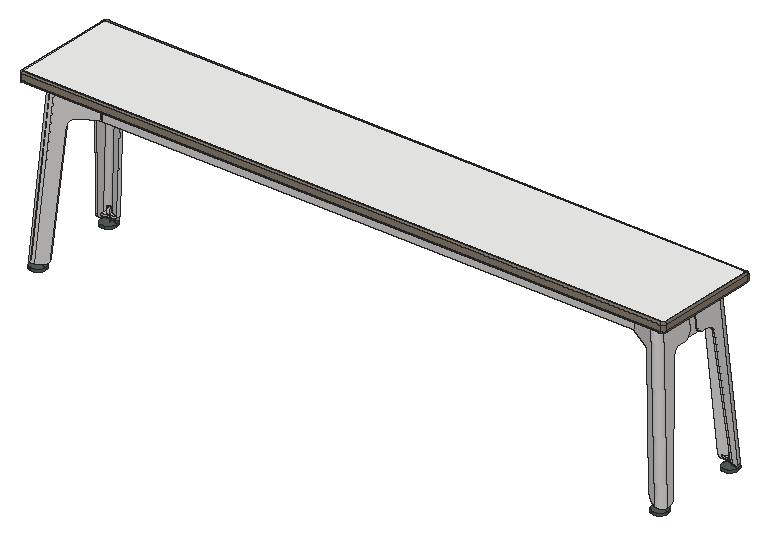
Revit family "Seating-Casual-Naughtone-Fold_Bench", category Furniture, Revit 2015
Parameters (values of type "1650mmx275mmx450mm")
  _distributed by = "www.bimbox.co.uk"  # constant formula
  _current revision = "1"
  _created by = "BIMBox"  # constant formula
  _author = "BIMBox"  # constant formula
  _BIMspec_GUID = 0
  WarrantyStartDate [instance] = "<User Defined>"
  WarrantyGuarantorParts = "sales@naughtone.com"
  WarrantyGuarantorLabor = "sales@naughtone.com"
  WarrantyDurationUnit = "Years"
  WarrantyDurationParts = "5"
  WarrantyDurationLabor = "5"
  WarrantyDescription = "5 year warranty"
  Version = "1"
  Uniclass2015 = "40.50.12.21"
  URL = "http://www.naughtone.com/"
  TypeName = "Seating-Casual-Naughtone-Fold_Bench"
  Type Comments = "1650x275x450"
  TagNumber = "0.000000"
  SustainabilityPerformance = "55.3% reusable content. 72% recycled & recyclable content"
  Size = "1650mmx275mmx450mm"
  Shape = "Rectangular"
  SerialNumber = "0.000000"
  ReplacementCost = "0.00"
  ProductInformation = "http://www.naughtone.com/wp-content/uploads/2015/04/Fold-brochure-FISP-2015.pdf?49171d"
  Product URL = "http://www.naughtone.com/portfolio-view/fold"
  Option [instance] = "MFMDF with banded edge"
  NominalWidth = 1650 mm
  NominalLength = 275 mm  # constant formula
  NominalHeight = 450 mm  # constant formula
  Name = "1650mmx275mmx450mm, Fold Bench"
  NBSReference = "40.50.12.21"
  NBSDescription = "n/a"
  Mtrl_Top [instance] = Laminate-White-Smooth
  Mtrl_Frame [instance] = Metal-Black-Powder_Coated
  Mtrl_EdgeTop [instance] = Timber-Oak_Veneer-Polished
  ModelReference = "Fold Bench"
  ModelNumber = "FOLDBEN-1650"
  Model = "FOLDBEN-1650"
  Material = "Timber; folded mild steel frame"
  ManufacturerAddressUK = "201 Pannal Business Park, Station Road, Harrogate, HG3 1JL"  # constant formula
  Manufacturer = "Naughtone"  # constant formula
  Keynote = "40.50.12.21"
  InstallationDate [instance] = "<User Defined>"
  Grade = "n/a"
  Finish = "Polyster powder coat; various top finishes available"
  Features = "n/a"
  ExpectedLife = "15-20"
  EdgeOffset [instance] = 5 mm  # constant formula
  DurationUnit = "Years"
  Description = "Fold Bench"
  Cost = 0
  ContactTelephoneNumber = "+44 (0) 1423 816500"
  ContactEmailAddress = "sales@naughtone.com"
  Constituents = "Wood Top; Steel frame"
  ComponentDescription = "Strong and elegant, fold tables and benches proovide a simple surface with maximum clearance for legs, chairs and fresh air to fit underneath!"
  Color = "White"
  CodePerformance = "FISP Certified; ISO14001 Certified"
  Category = "40.50.12.21 : Dining Benches"
  BarCode = "0.000000"
  BIMObjectName = "Seating-Casual-Naughtone-Fold_Bench"
  AssetType = "Movable"
  AssetIdentifier = "FOLDBEN-1650"
  Assembly Code = "E2020"
  AdditionalMaterials = "Additional material and finish options available. Please contact Naughtone direct for further information."
  AccessibilityPerformance = "n/a"
Types (4, lengths in mm): name | Type Comments | Size | Option | NominalWidth | Name | ModelNumber | Model | AssetIdentifier
  (no name) | "1650x275x450" | "1650mmx275mmx450mm" | "MFMDF with banded edge" | 1650 | "1650mmx275mmx450mm, Fold Bench" | "FOLDBEN-1650" | "FOLDBEN-1650" | "FOLDBEN-1650"
  1650mmx275mmx450mm | "1650x275x450" | "1650mmx275mmx450mm" | "MFMDF with banded edge" | 1650 | "1650mmx275mmx450mm, Fold Bench" | "FOLDBEN-1650" | "FOLDBEN-1650" | "FOLDBEN-1650"
  1250mmx275mmx450mm | "1250x275x450" | "1250mmx275mmx450mm" | "MFMDF with reverse chamfer" | 1250 | "1250mmx275mmx450mm, Fold Bench" | "FOLDBEN-1250" | "FOLDBEN-1250" | "FOLDBEN-1250"
  1450mmx275mmx450mm | "1450x275x450" | "1450mmx275mmx450mm" | "MFMDF with reverse chamfer" | 1450 | "1450mmx275mmx450mm, Fold Bench" | "FOLDBEN-1450" | "FOLDBEN-1450" | "FOLDBEN-1450"
Reference planes
  plane 1 "Center (Front/Back)": y = 0
  plane 2: z = 0
  plane 3 "Center (Left/Right)": x = 0
  plane 4 "Left": x = -825
  plane 5 "Right": x = 825
  plane 6 "Rear": y = 137.5
  plane 7 "Front": y = -137.5
  plane 8 "Top": z = 450
  plane 9: x = -820
  plane 10: y = -132.5
  plane 11: y = 132.5
  plane 12: x = 820
  plane 13 "EdgeProfile": z = 425
  plane 14: y = -137.5
Forms (mm)
  Sweep 1, solid, material "Timber-Oak_Veneer-Polished" <- "Mtrl_EdgeTop"
    path origin (0, 0, 425) x (-1, 0, 0) y (0, -1, 0)
      loop
        line (817, 132.5) -> (-817, 132.5)
        arc (-817, 132.5) -> (-819.121, 131.621) -> (-820, 129.5) r 3
        line (-820, 129.5) -> (-820, -129.5)
        arc (-820, -129.5) -> (-819.121, -131.621) -> (-817, -132.5) r 3
        line (-817, -132.5) -> (817, -132.5)
        arc (817, -132.5) -> (819.121, -131.621) -> (820, -129.5) r 3
        line (820, -129.5) -> (820, 129.5)
        arc (820, 129.5) -> (819.121, 131.621) -> (817, 132.5) r 3
    profile origin (0, -132.5, 425) x (0, 1, 0) y (0, 0, 1)
      loop
        line (-5, 20) -> (-5, 5)
        arc (-5, 5) -> (-3.536, 1.464) -> (0, 0) r 5
        line (0, 0) -> (0, 25)
        arc (0, 25) -> (-3.536, 23.536) -> (-5, 20) r 5
  Extrusion 2, solid, material "Laminate-White-Smooth" <- "Mtrl_Top"
    sketch origin (0, 0, 425) x (-1, 0, 0) y (0, -1, 0)
      loop
        arc (817, -132.5) -> (819.121, -131.621) -> (820, -129.5) r 3
        line (820, -129.5) -> (820, 129.5)
        arc (820, 129.5) -> (819.121, 131.621) -> (817, 132.5) r 3
        line (817, 132.5) -> (-817, 132.5)
        arc (-817, 132.5) -> (-819.121, 131.621) -> (-820, 129.5) r 3
        line (-820, 129.5) -> (-820, -129.5)
        arc (-820, -129.5) -> (-819.121, -131.621) -> (-817, -132.5) r 3
        line (-817, -132.5) -> (817, -132.5)
    from 0 to 25
Dimensions and locks
  equal spacing: plane 4 "Left", plane 3 "Center (Left/Right)", plane 5 "Right"
  "NominalWidth": plane 4 "Left" to plane 5 "Right"
  equal spacing: plane 6 "Rear", plane 1 "Center (Front/Back)", plane 7 "Front"
  "NominalLength": plane 6 "Rear" to plane 7 "Front"
  "NominalHeight": plane 8 "Top" to level
  "EdgeOffset": plane 4 "Left" to plane 9
  "EdgeOffset": plane 12 to plane 5 "Right"
  "EdgeOffset": plane 6 "Rear" to plane 11
  "EdgeOffset": plane 10 to plane 7 "Front"
  locked: plane 8 "Top" to plane 13 "EdgeProfile" at 25
  locked: plane 14 to plane 10 at 5
  aligned and locked: level to plane 2
  aligned and locked: Sweep 1 sketch curve to plane 10
  aligned and locked: Sweep 1 sketch curve to plane 9
  aligned and locked: Sweep 1 sketch curve to plane 11
  aligned and locked: Sweep 1 sketch curve to plane 12
  aligned and locked: plane 10 to Sweep 1 sketch curve
  aligned and locked: plane 14 to Sweep 1 sketch curve
  aligned and locked: plane 11 to Extrusion 2 sketch curve
  aligned and locked: plane 9 to Extrusion 2 sketch curve
  aligned and locked: plane 10 to Extrusion 2 sketch curve
  aligned and locked: plane 12 to Extrusion 2 sketch curve
  aligned and locked: plane 8 "Top" to Extrusion 2
  aligned and locked: Extrusion 2 to plane 13 "EdgeProfile"
  aligned and locked: plane 3 "Center (Left/Right)" to nested 1
  aligned and locked: plane 1 "Center (Front/Back)" to nested 1
Automatic sketch dimensions
  Sweep 1 sketch curve to profile plane = 0 mm
  Sweep 1 sketch curve to plane 13 "EdgeProfile" = 0 mm
  Sweep 1 sketch curve to Sweep 1 sketch curve = 15 mm
  Sweep 1 sketch curve to Sweep 1 sketch curve = 0 mm
  plane 12 to Extrusion 2 sketch curve = 3 mm  (x2)
  Extrusion 2 sketch curve to Extrusion 2 sketch curve = 3 mm  (x2)
  plane 12 to Sweep 1 sketch curve = 3 mm
  Sweep 1 sketch curve to Sweep 1 sketch curve = 3 mm  (x2)
  plane 9 to Sweep 1 sketch curve = 3 mm
Nested families
  nested 1: "Nested-Frame-Naughtone-Fold_Bench" at (0, 0, 0), Mtrl_Frame <- "Mtrl_Frame", NominalWidth <- "NominalWidth", type "1600mmx800mmx750mm"
    with NominalWidth 1650 mm, Mtrl_Frame Metal-Black-Powder_Coated
Definition of nested family "Nested-Frame-Naughtone-Fold_Bench"
  Parameters (values of type "1600mmx800mmx750mm")
    _distributed by = "www.bimbox.co.uk"  # constant formula
    _current revision = "1"
    _created by = "BIMBox"  # constant formula
    _author = "BIMBox"  # constant formula
    URL = "http://www.naughtone.com/"
    Type Comments = ""
    TopOffset = ((NominalHeight - 40 mm) / tan(84.50°))  # 39.479 mm
    ProductInformation = ""
    Product URL = ""
    NominalWidth [instance] = 1250 mm
    NominalLength = 275 mm  # constant formula
    NominalHeight = 450 mm  # constant formula
    Mtrl_Frame [instance] = none
    Model = "Fold Frame"
    ManufacturerAddressUK = "201 Pannal Business Park, Station Road, Harrogate, HG3 1JL"  # constant formula
    Manufacturer = "Naughtone"  # constant formula
    Keynote = ""
    Description = "Fold Frame"
    Cost = 0
    ContactTelephoneNumber = "+44 (0) 1423 816500"
    ContactEmailAddress = "sales@naughtone.com"
    BaseOffset = 10 mm
    Assembly Code = "E2020"
  Reference planes
    plane 1 "Center (Front/Back)": y = 0
    plane 2: z = 0
    plane 3 "Center (Left/Right)": x = 0
    plane 4 "Left": x = -625
    plane 5 "Right": x = 625
    plane 6 "Rear": y = 137.5
    plane 7 "Front": y = -137.5
    plane 8 "Top": z = 450
    plane 9: x = -615
    plane 10: y = -127.5
    plane 11: y = 127.5
    plane 12: x = 615
    plane 13 "EdgeProfile": z = 425
    plane 14: z = 15
    plane 15: z = 350
    plane 16: y = -55.5
    plane 17: y = -25.5
    plane 18: y = 55.5
    plane 19: y = 25.5
    plane 20: y = 2
    plane 21: y = -88
    plane 22: x = -570.521
    plane 23: x = -585.521
    plane 24: x = -580.521
    plane 25: x = -565.521
    plane 26: x = -563.021
    plane 27: x = -465.063
    plane 28: x = -462.563
    plane 29: y = -38.66
    plane 30: y = -42.99
    plane 31: y = -96.66
    plane 32: y = -100.99
    plane 33: x = -540.538
    plane 34: x = -543.038
    plane 35: x = -595
    plane 36: x = -592.5
    plane 37: y = -112.5
    plane 38: y = -72.5
    plane 39: y = -121.16
    plane 40: y = -125.49
    plane 41: y = -91.16
    plane 42: y = -95.49
    plane 43: x = -615
    plane 44: x = -610
    plane 45: x = -600
    plane 46: y = -11.616
    plane 47: y = -2
    plane 48: y = 88
    plane 49: x = -570.521
    plane 50: x = -585.521
    plane 51: x = -580.521
    plane 52: x = -565.521
    plane 53: x = -563.021
    plane 54: x = -465.063
    plane 55: x = -462.563
    plane 56: y = 38.66
    plane 57: y = 42.99
    plane 58: y = 96.66
    plane 59: y = 100.99
    plane 60: x = -540.538
    plane 61: x = -543.038
    plane 62: x = -595
    plane 63: x = -592.5
    plane 64: y = 112.5
    plane 65: y = 72.5
    plane 66: y = 121.16
    plane 67: y = 125.49
    plane 68: y = 91.16
    plane 69: y = 95.49
    plane 70: x = -615
    plane 71: x = -610
    plane 72: x = -600
    plane 73: x = 615
    plane 74: y = 2
    plane 75: y = -88
    plane 76: x = 570.521
    plane 77: x = 585.521
    plane 78: x = 580.521
    plane 79: x = 565.521
    plane 80: x = 563.021
    plane 81: x = 465.063
    plane 82: x = 462.563
    plane 83: y = -38.66
    plane 84: y = -42.99
    plane 85: y = -96.66
    plane 86: y = -100.99
    plane 87: x = 540.538
    plane 88: x = 543.038
    plane 89: x = 595
    plane 90: x = 592.5
    plane 91: y = -112.5
    plane 92: y = -72.5
    plane 93: y = -121.16
    plane 94: y = -125.49
    plane 95: y = -91.16
    plane 96: y = -95.49
    plane 97: x = 615
    plane 98: x = 610
    plane 99: x = 600
    plane 100: y = -2
    plane 101: y = 88
    plane 102: x = 570.521
    plane 103: x = 585.521
    plane 104: x = 580.521
    plane 105: x = 565.521
    plane 106: x = 563.021
    plane 107: x = 465.063
    plane 108: x = 462.563
    plane 109: y = 38.66
    plane 110: y = 42.99
    plane 111: y = 96.66
    plane 112: y = 100.99
    plane 113: x = 540.538
    plane 114: x = 543.038
    plane 115: x = 595
    plane 116: x = 592.5
    plane 117: y = 112.5
    plane 118: y = 72.5
    plane 119: y = 121.16
    plane 120: y = 125.49
    plane 121: y = 91.16
    plane 122: y = 95.49
    plane 123: x = 615
    plane 124: x = 610
    plane 125: x = 600
    plane 126: x = -575.521
    plane 127: x = -580.914
    plane 128: x = -585.914
    plane 129: x = 575.521
    plane 130: x = 580.521
    plane 131: x = 585.914
    plane 132: x = 580.914
    plane 133 "Rev.F": y = -112.5
    plane 134: x = -590
    plane 135: x = -575
    plane 136: z = 14
    plane 137: z = 5
    plane 138: x = -590
    plane 139: x = -575
    plane 140: z = 14
    plane 141: z = 5
    plane 142: x = 590
    plane 143: x = 575
    plane 144: z = 14
    plane 145: z = 5
    plane 146: x = 590
    plane 147: x = 575
    plane 148: z = 14
    plane 149: z = 5
    plane 150: x = -595
    plane 151: y = 112.5
    plane 152: x = 595
  Forms (mm)
    Blend 1, solid, material <- "Mtrl_Frame"
      base sketch origin (-10, -27, 0) x (1, 0, 0) y (0, 1, 0)
        loop
          arc (-605, -85.5) -> (-597.5, -98.49) -> (-582.5, -98.49) r 15
          line (-582.5, -98.49) -> (-530.538, -68.49) -> (-533.038, -64.16) -> (-585, -94.16)
          arc (-585, -94.16) -> (-595, -94.16) -> (-600, -85.5) r 10
          line (-600, -85.5) -> (-600, -45.5) -> (-605, -45.5) -> (-605, -85.5)
      top sketch origin (-10, -27, 0) x (1, 0, 0) y (0, 1, 0)
        loop
          arc (-575.521, -61) -> (-568.021, -73.99) -> (-553.021, -73.99) r 15
          line (-553.021, -73.99) -> (-452.563, -15.99) -> (-455.063, -11.66) -> (-555.521, -69.66)
          arc (-555.521, -69.66) -> (-565.521, -69.66) -> (-570.521, -61) r 10
          line (-570.521, -61) -> (-570.521, 29) -> (-575.521, 29) -> (-575.521, -61)
      from 15 to 425
    Extrusion 2, void
      sketch origin (-540.538, -95.49, 0) x (0.829508, 0.558495, 0) y (0, 0, 1)
        loop
          line (-43.144, 15) -> (-60, 15) -> (-60, 0) -> (111.807, 0) -> (111.807, 450) -> (73.257, 450) -> (73.257, 350) -> (23.338, 350)
          arc (23.338, 350) -> (9.95, 344.858) -> (3.446, 332.075) r 20
          line (3.446, 332.075) -> (-28.274, 28.03)
          arc (-28.274, 28.03) -> (-33.258, 18.718) -> (-43.144, 15) r 15
      from -15 to 7.5
    Extrusion 3, void
      sketch origin (0, 0, 0) x (0, 1, 0) y (0, 0, 1)
        loop
          line (-11.616, 425) -> (-11.616, 367)
          arc (-11.616, 367) -> (-16.596, 354.979) -> (-28.616, 350) r 17
          line (-28.616, 350) -> (-40.449, 350)
          arc (-40.449, 350) -> (-57.197, 343.561) -> (-65.317, 327.561) r 25
          line (-65.317, 327.561) -> (-96.576, 23.976)
          arc (-96.576, 23.976) -> (-99.824, 17.576) -> (-106.523, 15) r 10
          line (-106.523, 15) -> (-127.5, 15) -> (-127.5, 0) -> (2, 0) -> (2, 425) -> (-11.616, 425)
      from -625 to 625
    Blend 4, solid, material <- "Mtrl_Frame"
      base sketch origin (-10, 27, 0) x (1, 0, 0) y (0, 1, 0)
        loop
          line (-605, 85.5) -> (-605, 45.5) -> (-600, 45.5) -> (-600, 85.5)
          arc (-600, 85.5) -> (-595, 94.16) -> (-585, 94.16) r 10
          line (-585, 94.16) -> (-533.038, 64.16) -> (-530.538, 68.49) -> (-582.5, 98.49)
          arc (-582.5, 98.49) -> (-597.5, 98.49) -> (-605, 85.5) r 15
      top sketch origin (-10, 27, 0) x (1, 0, 0) y (0, 1, 0)
        loop
          line (-575.521, 61) -> (-575.521, -29) -> (-570.521, -29) -> (-570.521, 61)
          arc (-570.521, 61) -> (-565.521, 69.66) -> (-555.521, 69.66) r 10
          line (-555.521, 69.66) -> (-455.063, 11.66) -> (-452.563, 15.99) -> (-553.021, 73.99)
          arc (-553.021, 73.99) -> (-568.021, 73.99) -> (-575.521, 61) r 15
      from 15 to 425
    Extrusion 5, void
      sketch origin (-540.538, 95.49, 0) x (0.829508, -0.558495, 0) y (0, 0, 1)
        loop
          line (-43.144, 15) -> (-60, 15) -> (-60, 0) -> (111.807, 0) -> (111.807, 450) -> (74.317, 450) -> (74.317, 350) -> (23.338, 350)
          arc (23.338, 350) -> (9.95, 344.858) -> (3.446, 332.075) r 20
          line (3.446, 332.075) -> (-28.274, 28.03)
          arc (-28.274, 28.03) -> (-33.258, 18.718) -> (-43.144, 15) r 15
      from -15 to 12
    Blend 6, solid, material <- "Mtrl_Frame"
      base sketch origin (10, -27, 0) x (-1, 0, 0) y (0, -1, 0)
        loop
          line (-605, 85.5) -> (-605, 45.5) -> (-600, 45.5) -> (-600, 85.5)
          arc (-600, 85.5) -> (-595, 94.16) -> (-585, 94.16) r 10
          line (-585, 94.16) -> (-533.038, 64.16) -> (-530.538, 68.49) -> (-582.5, 98.49)
          arc (-582.5, 98.49) -> (-597.5, 98.49) -> (-605, 85.5) r 15
      top sketch origin (10, -27, 0) x (-1, 0, 0) y (0, -1, 0)
        loop
          line (-575.521, 61) -> (-575.521, -29) -> (-570.521, -29) -> (-570.521, 61)
          arc (-570.521, 61) -> (-565.521, 69.66) -> (-555.521, 69.66) r 10
          line (-555.521, 69.66) -> (-455.063, 11.66) -> (-452.563, 15.99) -> (-553.021, 73.99)
          arc (-553.021, 73.99) -> (-568.021, 73.99) -> (-575.521, 61) r 15
      from 15 to 425
    Extrusion 7, void
      sketch origin (540.538, -95.49, 0) x (-0.829508, 0.558495, 0) y (0, 0, 1)
        loop
          line (-43.144, 15) -> (-60, 15) -> (-60, 0) -> (111.807, 0) -> (111.807, 450) -> (73.257, 450) -> (73.257, 350) -> (18.122, 350)
          arc (18.122, 350) -> (8.072, 349.275) -> (-1.77, 347.114) r 70
          line (-1.77, 347.114) -> (-28.274, 28.03)
          arc (-28.274, 28.03) -> (-33.258, 18.718) -> (-43.144, 15) r 15
      from -15 to 12
    Blend 8, solid, material <- "Mtrl_Frame"
      base sketch origin (10, 27, 0) x (-1, 0, 0) y (0, -1, 0)
        loop
          arc (-605, -85.5) -> (-597.5, -98.49) -> (-582.5, -98.49) r 15
          line (-582.5, -98.49) -> (-530.538, -68.49) -> (-533.038, -64.16) -> (-585, -94.16)
          arc (-585, -94.16) -> (-595, -94.16) -> (-600, -85.5) r 10
          line (-600, -85.5) -> (-600, -45.5) -> (-605, -45.5) -> (-605, -85.5)
      top sketch origin (10, 27, 0) x (-1, 0, 0) y (0, -1, 0)
        loop
          arc (-575.521, -61) -> (-568.021, -73.99) -> (-553.021, -73.99) r 15
          line (-553.021, -73.99) -> (-452.563, -15.99) -> (-455.063, -11.66) -> (-555.521, -69.66)
          arc (-555.521, -69.66) -> (-565.521, -69.66) -> (-570.521, -61) r 10
          line (-570.521, -61) -> (-570.521, 29) -> (-575.521, 29) -> (-575.521, -61)
      from 15 to 425
    Extrusion 9, void
      sketch origin (540.538, 95.49, 0) x (-0.829508, -0.558495, 0) y (0, 0, 1)
        loop
          line (-43.144, 15) -> (-60, 15) -> (-60, 0) -> (111.807, 0) -> (111.807, 450) -> (74.317, 450) -> (74.317, 350) -> (18.122, 350)
          arc (18.122, 350) -> (8.072, 349.275) -> (-1.77, 347.114) r 70
          line (-1.77, 347.114) -> (-28.274, 28.03)
          arc (-28.274, 28.03) -> (-33.258, 18.718) -> (-43.144, 15) r 15
      from -15 to 12
    Extrusion 10, solid, material <- "Mtrl_Frame"
      sketch origin (0, 0, 0) x (1, 0, 0) y (0, 0, 1)
        loop
          line (-575.521, 425) -> (-580.521, 425) -> (-585.914, 350) -> (-580.914, 350) -> (-575.521, 425)
      from -55.5 to 55.5
    Extrusion 11, void
      sketch origin (0, 0, 0) x (0, -1, 0) y (0, 0, -1)
        loop
          line (-11.616, -425) -> (2, -425) -> (2, 0) -> (-127.5, 0) -> (-127.5, -15) -> (-106.523, -15)
          arc (-106.523, -15) -> (-99.824, -17.576) -> (-96.576, -23.976) r 10
          line (-96.576, -23.976) -> (-65.317, -327.561)
          arc (-65.317, -327.561) -> (-57.197, -343.561) -> (-40.449, -350) r 25
          line (-40.449, -350) -> (-28.616, -350)
          arc (-28.616, -350) -> (-16.596, -354.979) -> (-11.616, -367) r 17
          line (-11.616, -367) -> (-11.616, -425)
      from -625 to 625
    Extrusion 12, solid, material <- "Mtrl_Frame"
      sketch origin (0, 0, 0) x (1, 0, 0) y (0, 0, 1)
        loop
          line (580.521, 425) -> (575.521, 425) -> (580.914, 350) -> (585.914, 350) -> (580.521, 425)
      from -55.5 to 55.5
    Extrusion 13, solid, material <- "Mtrl_Frame"
      sketch origin (0, 0, 0) x (1, 0, 0) y (0, 0, 1)
        loop
          line (-580.914, 350) -> (580.914, 350) -> (575.521, 425) -> (-575.521, 425) -> (-580.914, 350)
      from 25.5 to 55.5
    Extrusion 14, solid, material <- "Mtrl_Frame"
      sketch origin (0, 0, 0) x (1, 0, 0) y (0, 0, 1)
        loop
          line (575.521, 425) -> (-575.521, 425) -> (-580.914, 350) -> (580.914, 350) -> (575.521, 425)
      from -55.5 to -25.5
    Extrusion 15, solid, material <- "Mtrl_Frame"
      sketch origin (0, 0, 0) x (1, 0, 0) y (0, 1, 0)
        loop
          line (-610, -101.155) -> (-610, -112.5)
          arc (-610, -112.5) -> (-605, -121.16) -> (-595, -121.16) r 10
          line (-595, -121.16) -> (-573.349, -108.66) -> (-610, -101.155)
        loop
          arc (-595, 121.16) -> (-605, 121.16) -> (-610, 112.5) r 10
          line (-610, 112.5) -> (-610, 101.155) -> (-573.349, 108.66) -> (-595, 121.16)
        loop
          line (595, 121.16) -> (573.349, 108.66) -> (610, 101.155) -> (610, 112.5)
          arc (610, 112.5) -> (605, 121.16) -> (595, 121.16) r 10
        loop
          arc (595, -121.16) -> (605, -121.16) -> (610, -112.5) r 10
          line (610, -112.5) -> (610, -101.155) -> (573.349, -108.66) -> (595, -121.16)
      from 21 to 25
    Revolve 16, solid
      sketch origin (0, -112.5, 0) x (1, 0, 0) y (0, 0, 1)
        loop
          line (-595, 14) -> (-595, 0) -> (-575, 0) -> (-575, 5) -> (-590, 14) -> (-595, 14)
        axis (-595, 14) -> (-595, 0)
      angle from 0 to 360
    Revolve 17, solid
      sketch origin (0, 112.5, 0) x (1, 0, 0) y (0, 0, -1)
        loop
          line (-595, -14) -> (-590, -14) -> (-575, -5) -> (-575, 0) -> (-595, 0) -> (-595, -14)
        axis (-595, -14) -> (-595, 0)
      angle from 0 to 360
    Revolve 18, solid
      sketch origin (0, -112.5, 0) x (-1, 0, 0) y (0, 0, 1)
        loop
          line (-595, 14) -> (-595, 0) -> (-575, 0) -> (-575, 5) -> (-590, 14) -> (-595, 14)
        axis (-595, 14) -> (-595, 0)
      angle from 0 to 360
    Revolve 19, solid
      sketch origin (0, 112.5, 0) x (-1, 0, 0) y (0, 0, 1)
        loop
          line (-595, 14) -> (-595, 0) -> (-575, 0) -> (-575, 5) -> (-590, 14) -> (-595, 14)
        axis (-595, 14) -> (-595, 0)
      angle from 0 to 360
    Extrusion 20, solid
      sketch origin (0, 0, 0) x (1, 0, 0) y (0, 1, 0)
        loop
          circle (-595, -112.5) r 3.5
        loop
          circle (-595, 112.5) r 3.5
        loop
          circle (595, 112.5) r 3.5
        loop
          circle (595, -112.5) r 3.5
      from 5 to 40
  Cuts and joins
    Extrusion 2, Extrusion 3, Extrusion 5, Extrusion 7, Extrusion 11 cuts Blend 1
    Extrusion 5, Extrusion 9, Extrusion 11 cuts Blend 4
    Extrusion 3, Extrusion 7, Extrusion 11 cuts Blend 6
    Extrusion 9, Extrusion 11 cuts Blend 8
  Lines and regions (mm)
    reference lines
      curve 1: line (-540.538, -95.49, 0) -> (-462.563, -42.99, 0)
      curve 2: line (-540.538, 95.49, 0) -> (-462.563, 42.99, 0)
      curve 3: line (540.538, -95.49, 0) -> (462.563, -42.99, 0)
      curve 4: line (540.538, 95.49, 0) -> (462.563, 42.99, 0)
  Dimensions and locks
    equal spacing: plane 4 "Left", plane 3 "Center (Left/Right)", plane 5 "Right"
    "NominalWidth": plane 4 "Left" to plane 5 "Right"
    equal spacing: plane 6 "Rear", plane 1 "Center (Front/Back)", plane 7 "Front"
    "NominalLength": plane 6 "Rear" to plane 7 "Front"
    "NominalHeight": plane 8 "Top" to level
    locked: plane 4 "Left" to plane 9 at 10
    locked: plane 12 to plane 5 "Right" at 10
    locked: plane 6 "Rear" to plane 11 at 10
    locked: plane 10 to plane 7 "Front" at 10
    locked: plane 8 "Top" to plane 13 "EdgeProfile" at 25
    locked: plane 14 to plane 2 at 15
    locked: plane 13 "EdgeProfile" to plane 15 at 75
    locked: plane 16 to plane 7 "Front" at 82
    locked: plane 17 to plane 16 at 30
    locked: plane 19 to plane 18 at 30
    locked: plane 18 to plane 6 "Rear" at 82
    "TopOffset": plane 4 "Left" to plane 23
    locked: plane 23 to plane 24 at 5
    locked: plane 24 to plane 25 at 15
    locked: plane 25 to plane 26 at 2.5
    locked: plane 26 to plane 27 at 97.959
    locked: plane 27 to plane 28 at 2.5
    plane 32 to plane 7 "Front" = 36.51 mm
    plane 31 to plane 32 = 4.33 mm
    plane 30 to plane 31 = 53.67 mm
    plane 29 to plane 30 = 4.33 mm
    locked: plane 24 to plane 22 at 10
    locked: plane 37 to plane 7 "Front" at 25
    locked: plane 37 to plane 38 at 40
    locked: plane 39 to plane 37 at 8.66
    locked: plane 40 to plane 39 at 4.33
    locked: plane 35 to plane 36 at 2.5
    locked: plane 36 to plane 34 at 49.462
    locked: plane 34 to plane 33 at 2.5
    locked: plane 37 to plane 42 at 17.01
    locked: plane 42 to plane 41 at 4.33
    "BaseOffset": plane 4 "Left" to plane 43
    locked: plane 43 to plane 44 at 5
    locked: plane 44 to plane 45 at 10
    locked: plane 45 to plane 35 at 5
    locked: plane 41 to plane 21 at 3.16
    locked: plane 20 to plane 29 at 40.66
    locked: plane 20 to plane 46 at 13.616
    "TopOffset": plane 4 "Left" to plane 50
    locked: plane 50 to plane 51 at 5
    locked: plane 51 to plane 52 at 15
    locked: plane 52 to plane 53 at 2.5
    locked: plane 53 to plane 54 at 97.959
    locked: plane 54 to plane 55 at 2.5
    plane 59 to plane 6 "Rear" = 36.51 mm
    plane 58 to plane 59 = 4.33 mm
    plane 57 to plane 58 = 53.67 mm
    plane 56 to plane 57 = 4.33 mm
    locked: plane 51 to plane 49 at 10
    locked: plane 64 to plane 6 "Rear" at 25
    locked: plane 64 to plane 65 at 40
    locked: plane 66 to plane 64 at 8.66
    locked: plane 67 to plane 66 at 4.33
    locked: plane 62 to plane 63 at 2.5
    locked: plane 63 to plane 61 at 49.462
    locked: plane 61 to plane 60 at 2.5
    locked: plane 64 to plane 69 at 17.01
    locked: plane 69 to plane 68 at 4.33
    "BaseOffset": plane 4 "Left" to plane 70
    locked: plane 70 to plane 71 at 5
    locked: plane 71 to plane 72 at 10
    locked: plane 72 to plane 62 at 5
    locked: plane 68 to plane 48 at 3.16
    locked: plane 47 to plane 56 at 40.66
    locked: plane 5 "Right" to plane 73 at 10
    "TopOffset": plane 5 "Right" to plane 77
    locked: plane 77 to plane 78 at 5
    locked: plane 78 to plane 79 at 15
    locked: plane 79 to plane 80 at 2.5
    locked: plane 80 to plane 81 at 97.959
    locked: plane 81 to plane 82 at 2.5
    plane 86 to plane 7 "Front" = 36.51 mm
    plane 85 to plane 86 = 4.33 mm
    plane 84 to plane 85 = 53.67 mm
    plane 83 to plane 84 = 4.33 mm
    locked: plane 78 to plane 76 at 10
    locked: plane 91 to plane 7 "Front" at 25
    locked: plane 91 to plane 92 at 40
    locked: plane 93 to plane 91 at 8.66
    locked: plane 94 to plane 93 at 4.33
    locked: plane 89 to plane 90 at 2.5
    locked: plane 90 to plane 88 at 49.462
    locked: plane 88 to plane 87 at 2.5
    locked: plane 91 to plane 96 at 17.01
    locked: plane 96 to plane 95 at 4.33
    "BaseOffset": plane 5 "Right" to plane 97
    locked: plane 97 to plane 98 at 5
    locked: plane 98 to plane 99 at 10
    locked: plane 99 to plane 89 at 5
    locked: plane 95 to plane 75 at 3.16
    locked: plane 74 to plane 83 at 40.66
    "TopOffset": plane 5 "Right" to plane 103
    locked: plane 103 to plane 104 at 5
    locked: plane 104 to plane 105 at 15
    locked: plane 105 to plane 106 at 2.5
    locked: plane 106 to plane 107 at 97.959
    locked: plane 107 to plane 108 at 2.5
    plane 112 to plane 6 "Rear" = 36.51 mm
    plane 111 to plane 112 = 4.33 mm
    plane 110 to plane 111 = 53.67 mm
    plane 109 to plane 110 = 4.33 mm
    locked: plane 104 to plane 102 at 10
    locked: plane 117 to plane 6 "Rear" at 25
    locked: plane 117 to plane 118 at 40
    locked: plane 119 to plane 117 at 8.66
    locked: plane 120 to plane 119 at 4.33
    locked: plane 115 to plane 116 at 2.5
    locked: plane 116 to plane 114 at 49.462
    locked: plane 114 to plane 113 at 2.5
    locked: plane 117 to plane 122 at 17.01
    locked: plane 122 to plane 121 at 4.33
    "BaseOffset": plane 5 "Right" to plane 123
    locked: plane 123 to plane 124 at 5
    locked: plane 124 to plane 125 at 10
    locked: plane 125 to plane 115 at 5
    locked: plane 121 to plane 101 at 3.16
    locked: plane 100 to plane 109 at 40.66
    locked: plane 51 to plane 126 at 5
    plane 127 to plane 128 to plane 63 = 5 mm locked, 6.586 mm locked
    plane 130 to plane 129 to plane 102 = 5 mm locked, 5 mm locked
    plane 132 to plane 131 to plane 5 "Right" = 5 mm locked, 39.086 mm locked
    plane 133 "Rev.F" to plane 7 "Front" = 25 mm
    locked: plane 134 to plane 62 at 5
    locked: plane 135 to plane 62 at 20
    locked: plane 137 to curve 1 at 5
    locked: plane 136 to curve 1 at 14
    plane 143 to plane 142 to plane 115 = 15 mm locked, 5 mm locked
    plane 144 to plane 145 to level = 9 mm locked, 5 mm locked
    plane 147 to plane 146 to plane 115 = 15 mm locked, 5 mm locked
    plane 148 to plane 149 to level = 9 mm locked, 5 mm locked
    plane 139 to plane 138 to plane 62 = 15 mm locked, 5 mm locked
    plane 140 to plane 141 to level = 9 mm locked, 5 mm locked
    locked: plane 4 "Left" to plane 150 at 30
    locked: plane 6 "Rear" to plane 151 at 25
    locked: plane 152 to plane 5 "Right" at 30
    aligned and locked: level to plane 2
    aligned and locked: plane 13 "EdgeProfile" to Blend 1
    aligned and locked: Blend 1 to plane 14
    aligned and locked: Blend 1 sketch curve to plane 20
    aligned and locked: plane 23 to Blend 1 sketch curve
    aligned and locked: Blend 1 sketch curve to plane 24
    aligned and locked: plane 21 to Blend 1 sketch curve
    aligned and locked: plane 25 to Blend 1 sketch curve
    aligned and locked: Blend 1 sketch curve to plane 31
    aligned and locked: plane 26 to Blend 1 sketch curve
    aligned and locked: Blend 1 sketch curve to plane 32
    aligned and locked: plane 27 to Blend 1 sketch curve
    aligned and locked: Blend 1 sketch curve to plane 29
    aligned and locked: plane 28 to Blend 1 sketch curve
    aligned and locked: Blend 1 sketch curve to plane 30
    aligned and locked: plane 38 to Blend 1 sketch curve
    aligned and locked: plane 43 to Blend 1 sketch curve
    aligned and locked: Blend 1 sketch curve to plane 44
    aligned and locked: Blend 1 sketch curve to plane 45
    aligned and locked: plane 37 to Blend 1 sketch curve
    aligned and locked: plane 35 to Blend 1 sketch curve
    aligned and locked: plane 39 to Blend 1 sketch curve
    aligned and locked: plane 36 to Blend 1 sketch curve
    aligned and locked: plane 40 to Blend 1 sketch curve
    aligned and locked: plane 34 to Blend 1 sketch curve
    aligned and locked: plane 41 to Blend 1 sketch curve
    aligned and locked: Blend 1 sketch curve to plane 33
    aligned and locked: plane 42 to Blend 1 sketch curve
    aligned and locked: plane 28 to curve 1
    aligned and locked: curve 1 to plane 30
    aligned and locked: curve 1 to plane 33
    aligned and locked: plane 42 to curve 1
    aligned and locked: Extrusion 3 sketch curve to plane 10
    aligned and locked: plane 14 to Extrusion 3 sketch curve
    aligned and locked: Extrusion 3 sketch curve to level
    aligned and locked: Extrusion 3 sketch curve to plane 15
    aligned and locked: plane 13 "EdgeProfile" to Extrusion 3 sketch curve
    aligned and locked: Extrusion 3 sketch curve to plane 46
    aligned and locked: Extrusion 2 sketch curve to plane 15
    aligned and locked: Extrusion 2 sketch curve to plane 8 "Top"
    aligned and locked: Extrusion 3 sketch curve to plane 20
    aligned and locked: Extrusion 3 to plane 4 "Left"
    aligned and locked: Extrusion 3 to plane 5 "Right"
    aligned and locked: Blend 4 sketch curve to plane 47
    aligned and locked: plane 50 to Blend 4 sketch curve
    aligned and locked: Blend 4 sketch curve to plane 51
    aligned and locked: plane 48 to Blend 4 sketch curve
    aligned and locked: Blend 4 sketch curve to plane 52
    aligned and locked: Blend 4 sketch curve to plane 58
    aligned and locked: Blend 4 sketch curve to plane 53
    aligned and locked: Blend 4 sketch curve to plane 59
    aligned and locked: Blend 4 sketch curve to plane 54
    aligned and locked: Blend 4 sketch curve to plane 56
    aligned and locked: Blend 4 sketch curve to plane 55
    aligned and locked: Blend 4 sketch curve to plane 57
    aligned and locked: plane 65 to Blend 4 sketch curve
    aligned and locked: plane 70 to Blend 4 sketch curve
    aligned and locked: Blend 4 sketch curve to plane 71
    aligned and locked: Blend 4 sketch curve to plane 72
    aligned and locked: plane 64 to Blend 4 sketch curve
    aligned and locked: plane 62 to Blend 4 sketch curve
    aligned and locked: plane 66 to Blend 4 sketch curve
    aligned and locked: plane 63 to Blend 4 sketch curve
    aligned and locked: plane 67 to Blend 4 sketch curve
    aligned and locked: plane 61 to Blend 4 sketch curve
    aligned and locked: plane 68 to Blend 4 sketch curve
    aligned and locked: Blend 4 sketch curve to plane 60
    aligned and locked: plane 69 to Blend 4 sketch curve
    aligned and locked: curve 2 to plane 55
    aligned and locked: curve 2 to plane 57
    aligned and locked: curve 2 to plane 60
    aligned and locked: plane 69 to curve 2
    aligned and locked: plane 13 "EdgeProfile" to Blend 4
    aligned and locked: Blend 4 to plane 14
    aligned and locked: plane 8 "Top" to Extrusion 5 sketch curve
    aligned and locked: plane 15 to Extrusion 5 sketch curve
    aligned and locked: level to Extrusion 5 sketch curve
    aligned and locked: Extrusion 5 sketch curve to plane 14
    aligned and locked: Blend 6 sketch curve to plane 74
    aligned and locked: plane 77 to Blend 6 sketch curve
    aligned and locked: Blend 6 sketch curve to plane 78
    aligned and locked: plane 75 to Blend 6 sketch curve
    aligned and locked: Blend 6 sketch curve to plane 79
    aligned and locked: Blend 6 sketch curve to plane 85
    aligned and locked: Blend 6 sketch curve to plane 80
    aligned and locked: Blend 6 sketch curve to plane 86
    aligned and locked: Blend 6 sketch curve to plane 81
    aligned and locked: Blend 6 sketch curve to plane 83
    aligned and locked: Blend 6 sketch curve to plane 82
    aligned and locked: Blend 6 sketch curve to plane 84
    aligned and locked: plane 92 to Blend 6 sketch curve
    aligned and locked: plane 97 to Blend 6 sketch curve
    aligned and locked: Blend 6 sketch curve to plane 98
    aligned and locked: Blend 6 sketch curve to plane 99
    aligned and locked: plane 91 to Blend 6 sketch curve
    aligned and locked: plane 89 to Blend 6 sketch curve
    aligned and locked: plane 93 to Blend 6 sketch curve
    aligned and locked: plane 90 to Blend 6 sketch curve
    aligned and locked: plane 94 to Blend 6 sketch curve
    aligned and locked: plane 88 to Blend 6 sketch curve
    aligned and locked: plane 95 to Blend 6 sketch curve
    aligned and locked: Blend 6 sketch curve to plane 87
    aligned and locked: plane 96 to Blend 6 sketch curve
    aligned and locked: curve 3 to plane 82
    aligned and locked: curve 3 to plane 84
    aligned and locked: curve 3 to plane 87
    aligned and locked: plane 96 to curve 3
    aligned and locked: Blend 8 sketch curve to plane 100
    aligned and locked: plane 103 to Blend 8 sketch curve
    aligned and locked: Blend 8 sketch curve to plane 104
    aligned and locked: plane 101 to Blend 8 sketch curve
    aligned and locked: plane 105 to Blend 8 sketch curve
    aligned and locked: Blend 8 sketch curve to plane 111
    aligned and locked: plane 106 to Blend 8 sketch curve
    aligned and locked: Blend 8 sketch curve to plane 112
    aligned and locked: plane 107 to Blend 8 sketch curve
    aligned and locked: Blend 8 sketch curve to plane 109
    aligned and locked: plane 108 to Blend 8 sketch curve
    aligned and locked: Blend 8 sketch curve to plane 110
    aligned and locked: plane 118 to Blend 8 sketch curve
    aligned and locked: plane 123 to Blend 8 sketch curve
    aligned and locked: Blend 8 sketch curve to plane 124
    aligned and locked: Blend 8 sketch curve to plane 125
    aligned and locked: plane 117 to Blend 8 sketch curve
    aligned and locked: plane 115 to Blend 8 sketch curve
    aligned and locked: plane 119 to Blend 8 sketch curve
    aligned and locked: plane 116 to Blend 8 sketch curve
    aligned and locked: plane 120 to Blend 8 sketch curve
    aligned and locked: plane 114 to Blend 8 sketch curve
    aligned and locked: plane 121 to Blend 8 sketch curve
    aligned and locked: Blend 8 sketch curve to plane 113
    aligned and locked: plane 122 to Blend 8 sketch curve
    aligned and locked: plane 108 to curve 4
    aligned and locked: curve 4 to plane 110
    aligned and locked: curve 4 to plane 113
    aligned and locked: plane 122 to curve 4
    aligned and locked: plane 13 "EdgeProfile" to Blend 6
    aligned and locked: Blend 6 to plane 14
    aligned and locked: plane 15 to Extrusion 7 sketch curve
    aligned and locked: plane 8 "Top" to Extrusion 7 sketch curve
    aligned and locked: plane 13 "EdgeProfile" to Blend 8
    aligned and locked: Blend 8 to plane 14
    aligned and locked: plane 15 to Extrusion 9 sketch curve
    aligned and locked: plane 8 "Top" to Extrusion 9 sketch curve
    aligned and locked: Extrusion 10 sketch curve to plane 13 "EdgeProfile"
    aligned and locked: plane 51 to Extrusion 10 sketch curve
    aligned and locked: plane 126 to Extrusion 10 sketch curve
    aligned and locked: plane 13 "EdgeProfile" to Extrusion 10 sketch curve
    aligned and locked: plane 128 to Extrusion 10 sketch curve
    aligned and locked: plane 127 to Extrusion 10 sketch curve
    aligned and locked: plane 15 to Extrusion 10 sketch curve
    aligned and locked: Extrusion 10 to plane 16
    aligned and locked: Extrusion 10 to plane 18
    aligned and locked: Extrusion 11 sketch curve to plane 13 "EdgeProfile"
    aligned and locked: plane 15 to Extrusion 11 sketch curve
    aligned and locked: Extrusion 11 sketch curve to plane 14
    aligned and locked: plane 100 to Extrusion 11 sketch curve
    aligned and locked: level to Extrusion 11 sketch curve
    aligned and locked: plane 11 to Extrusion 11 sketch curve
    aligned and locked: Extrusion 11 to plane 5 "Right"
    aligned and locked: Extrusion 11 to plane 4 "Left"
    aligned and locked: Extrusion 12 sketch curve to cut or joined group of Extrusion 3, Blend 6, Extrusion 7, Extrusion 11
    aligned and locked: Extrusion 12 sketch curve to plane 15
    aligned and locked: Extrusion 12 sketch curve to plane 13 "EdgeProfile"
    aligned and locked: plane 129 to Extrusion 12 sketch curve
    aligned and locked: Extrusion 12 to plane 16
    aligned and locked: Extrusion 12 to plane 18
    aligned and locked: Extrusion 13 sketch curve to Extrusion 10
    aligned and locked: Extrusion 13 sketch curve to plane 13 "EdgeProfile"
    aligned and locked: Extrusion 13 sketch curve to plane 15
    aligned and locked: Extrusion 13 sketch curve to Extrusion 12
    aligned and locked: Extrusion 13 to plane 16
    aligned and locked: plane 17 to Extrusion 13
    aligned and locked: plane 13 "EdgeProfile" to Extrusion 14 sketch curve
    aligned and locked: plane 15 to Extrusion 14 sketch curve
    aligned and locked: Extrusion 14 sketch curve to Extrusion 12
    aligned and locked: Extrusion 14 sketch curve to Extrusion 10
    aligned and locked: Extrusion 14 to plane 18
    aligned and locked: plane 19 to Extrusion 14
    aligned and locked: Extrusion 15 sketch curve to cut or joined group of Blend 1, Extrusion 2, Extrusion 3, Extrusion 5, Extrusion 7, Extrusion 11  (x2)
    aligned and locked: Extrusion 15 sketch curve to cut or joined group of Blend 4, Extrusion 5, Extrusion 9, Extrusion 11  (x2)
    aligned and locked: Extrusion 15 sketch curve to cut or joined group of Blend 8, Extrusion 9, Extrusion 11  (x2)
    aligned and locked: Extrusion 15 sketch curve to cut or joined group of Extrusion 3, Blend 6, Extrusion 7, Extrusion 11  (x2)
    aligned and locked: Revolve 16 sketch curve to plane 135
    aligned and locked: Revolve 16 sketch curve to plane 136
    aligned and locked: level to Revolve 16 sketch curve
    aligned and locked: plane 62 to Revolve 16 sketch curve
    aligned and locked: Revolve 16 sketch curve to plane 62
    aligned and locked: Revolve 17 sketch curve to plane 139
    aligned and locked: plane 140 to Revolve 17 sketch curve
    aligned and locked: plane 143 to Revolve 18 sketch curve
    aligned and locked: plane 144 to Revolve 18 sketch curve
    aligned and locked: Revolve 19 sketch curve to plane 147
    aligned and locked: Revolve 19 sketch curve to plane 148
    aligned and locked: Revolve 18 sketch curve to plane 115
    aligned and locked: Revolve 18 sketch curve to level
    aligned and locked: plane 115 to Revolve 18 sketch curve
    aligned and locked: Revolve 19 sketch curve to plane 115
    aligned and locked: Revolve 19 sketch curve to level
    aligned and locked: plane 115 to Revolve 19 sketch curve
    aligned and locked: level to Revolve 17 sketch curve
    aligned and locked: plane 62 to Revolve 17 sketch curve
    aligned and locked: Revolve 17 sketch curve to plane 62
    aligned and locked: plane 133 "Rev.F" to Extrusion 20 sketch curve  (x2)
    aligned and locked: plane 150 to Extrusion 20 sketch curve  (x2)
    aligned and locked: plane 151 to Extrusion 20 sketch curve
    aligned and locked: plane 152 to Extrusion 20 sketch curve
    aligned and locked: Extrusion 20 sketch curve to plane 151
  Automatic sketch dimensions
    Blend 1 sketch curve to Blend 1 sketch curve = 0 mm  (x2)
    Extrusion 2 sketch curve to curve 1 = 0 mm
    Extrusion 2 sketch curve to curve 1 = 15 mm
    Extrusion 2 sketch curve to curve 1 = 60 mm
    Extrusion 2 sketch curve to Extrusion 2 sketch curve = 16.856 mm
    Extrusion 2 sketch curve to Extrusion 2 sketch curve = 14.87 mm
    curve 1 to Extrusion 2 sketch curve = 3.446 mm
    Extrusion 2 sketch curve to Extrusion 2 sketch curve = 19.892 mm
    Extrusion 2 sketch curve to curve 1 = 20.746 mm
    curve 1 to Extrusion 2 sketch curve = 17.804 mm
    Extrusion 2 sketch curve to Extrusion 2 sketch curve = 13.03 mm
    Extrusion 2 sketch curve to Extrusion 2 sketch curve = 20 mm
    Extrusion 3 sketch curve to plane 32 = 5.533 mm
    plane 31 to Extrusion 3 sketch curve = 0.084 mm
    Extrusion 3 sketch curve to plane 38 = 7.183 mm
    Extrusion 3 sketch curve to plane 29 = 1.788 mm
    Extrusion 3 sketch curve to plane 17 = 3.116 mm
    plane 14 to Extrusion 3 sketch curve = 8.976 mm
    Extrusion 3 sketch curve to Extrusion 3 sketch curve = 25 mm
    Blend 4 sketch curve to Blend 4 sketch curve = 0 mm  (x2)
    Extrusion 5 sketch curve to curve 2 = 60 mm
    Extrusion 5 sketch curve to Extrusion 5 sketch curve = 16.856 mm
    Extrusion 5 sketch curve to Extrusion 5 sketch curve = 14.87 mm
    curve 2 to Extrusion 5 sketch curve = 3.446 mm
    Extrusion 5 sketch curve to Extrusion 5 sketch curve = 19.892 mm
    Extrusion 5 sketch curve to curve 2 = 19.685 mm
    curve 2 to Extrusion 5 sketch curve = 17.804 mm
    Extrusion 5 sketch curve to Extrusion 5 sketch curve = 13.03 mm
    Extrusion 5 sketch curve to Extrusion 5 sketch curve = 20 mm
    Blend 6 sketch curve to Blend 6 sketch curve = 0 mm  (x2)
    curve 3 to Extrusion 7 sketch curve = 0 mm
    Extrusion 7 sketch curve to curve 3 = 15 mm
    Extrusion 7 sketch curve to curve 3 = 60 mm
    Extrusion 7 sketch curve to Extrusion 7 sketch curve = 16.856 mm
    Extrusion 7 sketch curve to Extrusion 7 sketch curve = 14.87 mm
    Extrusion 7 sketch curve to curve 3 = 1.77 mm
    curve 3 to Extrusion 7 sketch curve = 18.122 mm
    Extrusion 7 sketch curve to curve 3 = 20.746 mm
    curve 3 to Extrusion 7 sketch curve = 17.804 mm
    Extrusion 7 sketch curve to Extrusion 7 sketch curve = 13.03 mm
    curve 3 to Extrusion 7 sketch curve = 280 mm
    Blend 8 sketch curve to Blend 8 sketch curve = 0 mm  (x2)
    curve 4 to Extrusion 9 sketch curve = 0 mm
    Extrusion 9 sketch curve to curve 4 = 15 mm
    Extrusion 9 sketch curve to curve 4 = 60 mm
    Extrusion 9 sketch curve to Extrusion 9 sketch curve = 16.856 mm
    Extrusion 9 sketch curve to Extrusion 9 sketch curve = 14.87 mm
    Extrusion 9 sketch curve to curve 4 = 1.77 mm
    curve 4 to Extrusion 9 sketch curve = 18.122 mm
    Extrusion 9 sketch curve to curve 4 = 19.685 mm
    curve 4 to Extrusion 9 sketch curve = 17.804 mm
    Extrusion 9 sketch curve to Extrusion 9 sketch curve = 13.03 mm
    curve 4 to Extrusion 9 sketch curve = 280 mm
    plane 59 to Extrusion 11 sketch curve = 5.533 mm
    Extrusion 11 sketch curve to plane 58 = 0.084 mm
    plane 65 to Extrusion 11 sketch curve = 7.183 mm
    plane 56 to Extrusion 11 sketch curve = 1.788 mm
    plane 19 to Extrusion 11 sketch curve = 3.116 mm
    Extrusion 11 sketch curve to plane 20 = 9.616 mm
    Extrusion 11 sketch curve to plane 14 = 8.976 mm
    Extrusion 11 sketch curve to Extrusion 11 sketch curve = 25 mm
    plane 132 to Extrusion 12 sketch curve = 0 mm
    Extrusion 15 sketch curve to plane 35 = 0 mm  (x2)
    plane 66 to Extrusion 15 sketch curve = 0 mm
    plane 39 to Extrusion 15 sketch curve = 0 mm
    plane 22 to Extrusion 15 sketch curve = 2.828 mm  (x2)
    plane 76 to Extrusion 15 sketch curve = 2.828 mm  (x2)
    Extrusion 15 sketch curve to plane 37 = 3.84 mm
    Extrusion 15 sketch curve to plane 32 = 0.165 mm  (x2)
    Extrusion 15 sketch curve to plane 59 = 0.165 mm  (x2)
    Extrusion 15 sketch curve to plane 64 = 3.84 mm
    Revolve 16 sketch curve to plane 134 = 0 mm
    Revolve 16 sketch curve to plane 137 = 0 mm
    Revolve 16 sketch curve to Revolve 16 sketch curve = 4.281 mm
    Revolve 16 sketch curve to Revolve 16 sketch curve = 4.269 mm
    Revolve 17 sketch curve to plane 138 = 0 mm
    Revolve 17 sketch curve to plane 141 = 0 mm
    Revolve 17 sketch curve to level = 4.281 mm
    Revolve 17 sketch curve to Revolve 17 sketch curve = 4.269 mm
    plane 142 to Revolve 18 sketch curve = 0 mm
    Revolve 18 sketch curve to plane 145 = 0 mm
    Revolve 18 sketch curve to Revolve 18 sketch curve = 4.281 mm
    Revolve 18 sketch curve to Revolve 18 sketch curve = 4.269 mm
    plane 146 to Revolve 19 sketch curve = 0 mm
    Revolve 19 sketch curve to plane 149 = 0 mm
    Revolve 19 sketch curve to level = 4.281 mm
    Revolve 19 sketch curve to Revolve 19 sketch curve = 4.269 mm
    Extrusion 20 sketch curve to plane 89 = 0 mm
    radius of Extrusion 20 sketch curve = 3.5 mm  (x4)
